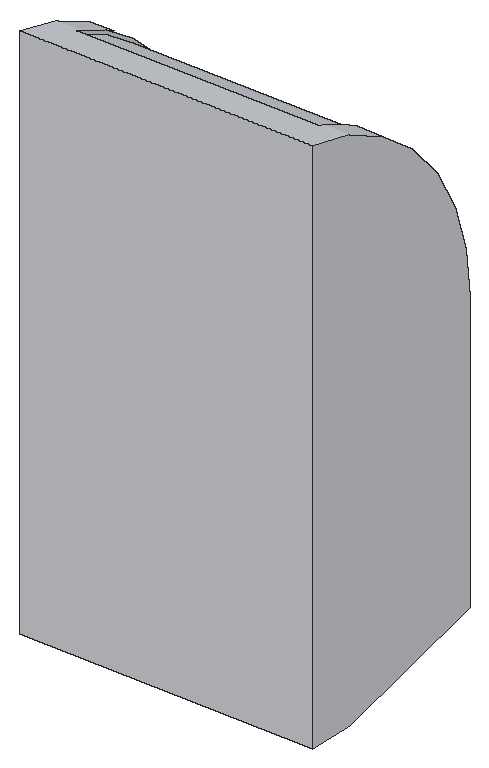
Revit family "DAN DRYER Stainless Design Mini Design 284", category Furniture Systems, host Wall, Revit 2018
Family settings
  Host = Wall
  Round Connector Dimension = Use Diameter
  Part Type = Normal
  Always vertical = Yes
  Cut with Voids When Loaded = No
  Shared = No
  Room Calculation Point = No
Parameters (values of type "Stål")
  Wicth = 380 mm
  URL = "http://www.dandryer.com/Files/Billeder/PDF/Datablade/Nye/Technical%20data%20sheet_%20284.pdf"
  Type Image = <None>
  Offset from Floor = 1000 mm
  Model = "Stainless design"
  Manufacturer = "http://www.dandryer.com/"
  Height = 700 mm
  Description = "STAINLESS DESIGN waste bin Art. no. 284"
  Cost = 0
Reference planes
  plane 1 "Wall": y = 0
  plane 2 "Center (Left/Right)": x = 125
  plane 3 "Back": y = 75
  plane 4 "Top": z = 1000
  plane 5 "Bund": z = 300
  plane 6: x = 315
  plane 7: x = -65
Forms (mm)
  Extrusion 1, solid
    sketch origin (125, 0, 0) x (0, 1, 0) y (0, 0, 1)
      loop
        line (75, 300) -> (135, 300) -> (329, 351.982) -> (329, 711.982)
        arc (329, 711.982) -> (256.429, 903.991) -> (75, 1000) r 290.296
        line (75, 1000) -> (75, 300)
    from -190 to 190
  Extrusion 2, void
    sketch origin (125, 0, 0) x (0, 1, 0) y (0, 0, 1)
      loop
        arc (307.809, 820.858) -> (236.569, 924.4) -> (128.239, 988.125) r 290.296
        line (128.239, 988.125) -> (127.215, 984.966)
        arc (127.215, 984.966) -> (232.918, 920.774) -> (303.116, 818.959) r 295.639
        line (303.116, 818.959) -> (307.809, 820.858)
    from -158.21 to 156.305
Cuts and joins
  Extrusion 2 cuts Extrusion 1
Text (mm)
  text "Placement Side" at (-1848.837, 1116.779, 0), in view "Ref. Level"
  text "Placement side" at (0, 1409.804, 2854.306), in view "Left"
  text "Placement side" at (0, 499.811, 2980.732), in view "Right"
Dimensions and locks
  locked: plane 3 "Back" to host wall
  "Height": plane 5 "Bund" to plane 4 "Top"
  equal spacing: plane 7, plane 2 "Center (Left/Right)", plane 6
  "Wicth": plane 7 to plane 6
  "Offset from Floor": level to plane 4 "Top"
  aligned and locked: plane 1 "Wall" to host wall
  aligned and locked: Extrusion 1 sketch curve to host wall
  aligned and locked: Extrusion 1 to plane 7
  aligned and locked: Extrusion 1 to plane 6
Automatic sketch dimensions
  Extrusion 1 sketch curve to plane 5 "Bund" = 0 mm
  Extrusion 1 sketch curve to plane 4 "Top" = 0 mm
  Extrusion 1 sketch curve to host wall = 36.296 mm
  Extrusion 1 sketch curve to Extrusion 1 sketch curve = 60 mm
  plane 5 "Bund" to Extrusion 1 sketch curve = 51.982 mm
  Extrusion 1 sketch curve to Extrusion 1 sketch curve = 194 mm
  host wall to Extrusion 2 sketch curve = 53.239 mm
  Extrusion 2 sketch curve to plane 4 "Top" = 11.875 mm
  Extrusion 2 sketch curve to host wall = 36.296 mm
  Extrusion 2 sketch curve to host wall = 30.005 mm
  Extrusion 2 sketch curve to Extrusion 2 sketch curve = 6.217 mm
  host wall to Extrusion 2 sketch curve = 52.215 mm
  Extrusion 2 sketch curve to Extrusion 2 sketch curve = 4.694 mm
  Extrusion 2 sketch curve to plane 4 "Top" = 179.142 mm
  Extrusion 2 sketch curve to Extrusion 2 sketch curve = 3.16 mm
  host wall to Extrusion 2 sketch curve = 228.116 mm
